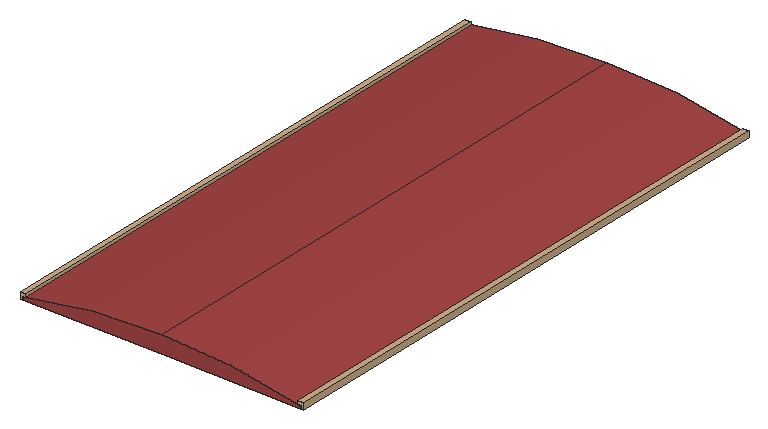
Revit family "Signage-NovaPolymers_Curved", category Specialty Equipment, host Face, Revit 2026
Family settings
  Host = Face
  Round Connector Dimension = Use Diameter
  Part Type = Normal
  Classification Number = 23.40.90.11.11
  Enable Cutting in Views = No
  Cut with Voids When Loaded = No
  Maintain Annotation Orientation = No
  Shared = No
  Room Calculation Point = No
Parameters
  f2 = Panel Thickness * 2  # 0' - 0 1/4"
  Warranty Duration (Years) = 0
  Vertical Burning = "94V-2 in thickness of 0.118 inch (3.0 mm) or greater and 94HB in thicknesses less than 0.118 inch (3.0 mm)"
  Unit Width [instance] = 1' - 0"
  Unit Height [instance] = 2' - 0"
  URL = "http://www.novapolymers.com"
  Specification = "http://www.arcat.com/sd/clients/novapoly.html?coid=43994"
  SpecWizard = "http://www.arcat.com/specwizard/10440npi/index.htm?mf=&coid=43994"
  Send Message = "http://admin.arcat.com/users.pl?action=UserEmail&company=Nova%20Polymers,%20Inc.&coid=43994&rep=121&fax=&mf="
  Sales Information = "http://www.novapolymers.com/contact-us"
  Product Properties = "http://www.arcat.com/bim/bim_info.pl?fn=Signage_NovaPolymers"
  Product Data = "http://www.arcat.com/arcatcos/cos43/arc43994.html"
  Panel Thickness = 0' - 0 1/8"
  Panel Material [instance] = Nova Polymers NovaCryl ECR - Finish as Specified
  Panel Attachment = Attachment : As Specified in Section 10 14 36
  Overall Depth = 0' - 0 3/4"
  Offset from Face [instance] = 0' - 1"
  Model = "As Specified in 10 14 36"
  Material - Frame Components [instance] = Wood - Maple - Gloss Lacquer
  Manufacturer Website = "http://www.novapolymers.com"
  Manufacturer Phone - Toll Free = "888-484-NOVA (6682)"
  Manufacturer Phone = "973-227-6695"
  Manufacturer Fax = "973-882-0237"
  Manufacturer Address = "8 Evans St.; Suite 201; Fairfield; NJ 07004 \r\n"
  Manufacturer = "Nova Polymers, Inc."
  Maintenance Schedule (Months) = 0
  Keynote = "10 14 36"
  Installation-Fabrication = "http://www.novapolymers.com/technical-support/how-to-manual"
  Installation Phase = ""
  Green Building-LEED = "http://www.arcat.com/green/clients/leed_data_43994.html"
  Frame [instance] = yes
  Finish - Hardware [instance] = Aluminum - Clear Anodized Finish
  Expected Lifespan (Years) = 0
  E84_Surface Burning Characteristics = "Flame spread/smoke developed rating less than 75/120"
  Drawn By = "Robert S. Weygant. CSI, CDT, SCIP"  # constant formula
  Description = "Nova Polymers Signage as Specified in 10 14 36"
  Default Elevation = 3' - 0"
  D635_Rate of Burning = "Classification CC1 at nominal 0.060 inch (1.5 mm) thickness "
  Copyright = "2009, ARCAT, Inc"
  Building Codes = "http://www.novapolymers.com/technical-support/ada"
  Assembly Code = "C1030510"
Reference planes (in)
  plane 1 "Substrate Face": y = -0.29112
  plane 2 "Floor Line": z = 0
  plane 3 "Center (Left/Right)": x = -0.65843
  plane 4: z = 48
  plane 5: x = -6.65843
  plane 6: x = 5.34157
  plane 7: y = 33.70888
  plane 8: y = 9.70888
  plane 9: z = 1
  plane 10: z = 1.125
  plane 11: z = 1.75
Forms (in)
  Extrusion 1, solid, material "Nova Polymers NovaCryl ECR - Finish as Specified" <- "Panel Material"
    sketch origin (0, -0.79112, 0) x (-1, 0, 0) y (0, 0, 1)
      loop
        line (0.65843, 1) -> (6.65843, 1) -> (6.65843, 1.125)
        arc (6.65843, 1.125) -> (3.67757, 1.62118) -> (0.65843, 1.75) r 24.72427
        arc (0.65843, 1.75) -> (-2.3607, 1.62118) -> (-5.34157, 1.125) r 24.72427
        line (-5.34157, 1.125) -> (-5.34157, 1) -> (0.65843, 1)
    from 10.5 to 34.5
  Extrusion 2, solid, material "Wood - Maple - Gloss Lacquer" <- "Material - Frame Components"
    sketch origin (0, -0.79112, 0) x (-1, 0, 0) y (0, 0, 1)
      loop
        line (6.65843, 1) -> (6.78343, 1) -> (6.78343, 1.25) -> (6.54274, 1.25) -> (6.54274, 1.15132)
        arc (6.54274, 1.15132) -> (6.6006, 1.13823) -> (6.65843, 1.125) r 24.72427
        line (6.65843, 1.125) -> (6.65843, 1)
      loop
        line (-5.34157, 1) -> (-5.34157, 1.125)
        arc (-5.34157, 1.125) -> (-5.27908, 1.13823) -> (-5.21657, 1.15132) r 26.59659
        line (-5.21657, 1.15132) -> (-5.21657, 1.25) -> (-5.46657, 1.25) -> (-5.46657, 1) -> (-5.34157, 1)
    from 10.5 to 34.5
Dimensions and locks (in)
  equal spacing: plane 6, plane 3 "Center (Left/Right)", plane 5
  "Unit Width": plane 6 to plane 5
  "Panel Thickness": plane 10 to plane 9
  "Offset from Face": plane 9 to plane 2 "Floor Line"
  "Unit Height": plane 7 to plane 8
  "Overall Depth": plane 11 to plane 9
  "Panel Thickness": Extrusion 2 sketch curve to Extrusion 2 sketch curve  (x2)
  "f2": Extrusion 2 sketch curve to Extrusion 2 sketch curve  (x2)
  aligned and locked: host face to level
  aligned and locked: plane 1 "Substrate Face" to host face
  aligned and locked: plane 11 to Extrusion 1 sketch curve
  aligned and locked: plane 10 to Extrusion 1 sketch curve  (x2)
  aligned and locked: Extrusion 1 sketch curve to plane 9
  aligned and locked: plane 7 to Extrusion 1
  aligned and locked: Extrusion 1 to plane 8
  aligned and locked: Extrusion 2 sketch curve to Extrusion 1  (x2)
  aligned and locked: plane 6 to Extrusion 2 sketch curve
  aligned and locked: Extrusion 2 sketch curve to plane 9
  aligned and locked: plane 9 to Extrusion 2 sketch curve
  aligned and locked: plane 7 to Extrusion 2
  aligned and locked: Extrusion 2 to plane 8
Automatic sketch dimensions
  Extrusion 1 sketch curve to plane 6 = 0' - 0"
  Extrusion 1 sketch curve to plane 3 "Center (Left/Right)" = 0' - 0"  (x2)
  Extrusion 1 sketch curve to plane 5 = 0' - 0"
  plane 3 "Center (Left/Right)" to Extrusion 1 sketch curve = 0' - 0.45755"
  Extrusion 1 sketch curve to plane 3 "Center (Left/Right)" = 0' - 0.45755"
  host sketch curve to host sketch curve = 1' - 0"
  host sketch curve to host sketch curve = 3' - 9.34712"
  Extrusion 2 sketch curve to plane 10 = 0' - 0"
  plane 10 to Extrusion 2 sketch curve = 0' - 0.02632"  (x2)
  Extrusion 2 sketch curve to Extrusion 2 sketch curve = 0' - 0 1/8"
  plane 3 "Center (Left/Right)" to Extrusion 2 sketch curve = 0' - 0.45755"
